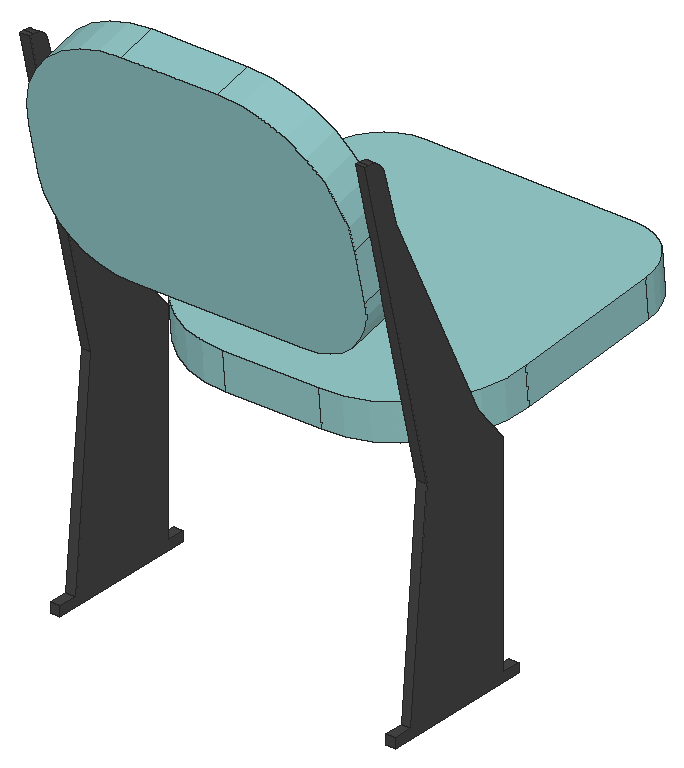
Revit family
Parameters
  Material Seat = Textile - Linen, Smooth
  Material Frame = Metal - Paint Finish - Dark Gray,Matte
  Keynote = "N"
Reference planes
  plane 1 "Center (Front/Back)": y = 189.875
  plane 2: z = 0
  plane 3 "Center (Left/Right)": x = 160.728
  plane 4: x = 389.328
  plane 5: x = -67.872
  plane 6: y = -114.925
  plane 7: y = 494.675
  plane 8: z = 762
  plane 9: z = 444.5
  plane 10: y = -13.325
  plane 11: y = -64.125
  plane 12: z = 711.2
  plane 13: z = 292.1
  plane 14: z = 342.9
  plane 15: y = 37.475
  plane 16: z = 622.3
  plane 17: z = 711.2
  plane 18: y = -64.331
  plane 19 "Seat": z = 292.1
  plane 20: through (0, 102.389, 24.872) normal (0, 0.9717, 0.2361)
  plane 21: through (0, -24.112, 275.601) normal (0, 0.0872, -0.9962)
  plane 22: y = 443.875
  plane 23: x = 325.828
  plane 24: x = -4.372
Forms (mm)
  Extrusion 1, solid, material "Metal - Paint Finish - Dark Gray,Matte" <- "Material Frame"
    sketch origin (389.328, 0, 0) x (0, -1, 0) y (0, 0, 1)
      loop
        line (13.325, 0) -> (13.325, 12.7) -> (-12.075, 12.7) -> (-37.475, 292.1) -> (64.125, 711.2) -> (57.884, 711.2)
        arc (57.884, 711.2) -> (42.588, 706.078) -> (33.461, 692.778) r 25.4
        line (33.461, 692.778) -> (13.325, 622.3) -> (-121.849, 342.9) -> (-164.475, 292.1) -> (-164.475, 12.7) -> (-189.875, 12.7) -> (-189.875, 0) -> (13.325, 0)
    from 0 to 12.7
  Extrusion 2, solid, material "Metal - Paint Finish - Dark Gray,Matte" <- "Material Frame"
    sketch origin (-67.872, 0, 0) x (0, -1, 0) y (0, 0, 1)
      loop
        line (-189.875, 0) -> (13.325, 0) -> (13.325, 12.7) -> (-12.075, 12.7) -> (-37.475, 292.1) -> (64.125, 711.2) -> (57.884, 711.2)
        arc (57.884, 711.2) -> (42.588, 706.078) -> (33.461, 692.778) r 25.4
        line (33.461, 692.778) -> (13.325, 622.3) -> (-121.849, 342.9) -> (-164.475, 292.1) -> (-164.475, 12.7) -> (-189.875, 12.7) -> (-189.875, 0)
    from 0 to -12.7
  Extrusion 3, solid, material "Textile - Linen, Smooth"
    sketch origin (0, -24.112, 275.601) x (0, 0.996195, 0.087156) y (1, 0, 0)
      loop
        line (523.629, 21.028) -> (523.629, 300.428)
        arc (523.629, 300.428) -> (501.311, 354.309) -> (447.429, 376.628) r 76.2
        line (447.429, 376.628) -> (247.217, 376.628)
        arc (247.217, 376.628) -> (139.454, 331.991) -> (94.817, 224.228) r 152.4
        line (94.817, 224.228) -> (94.817, 97.228)
        arc (94.817, 97.228) -> (139.454, -10.535) -> (247.217, -55.172) r 152.4
        line (247.217, -55.172) -> (447.429, -55.172)
        arc (447.429, -55.172) -> (501.311, -32.854) -> (523.629, 21.028) r 76.2
    from 0 to -50.8
  Extrusion 4, solid, material "Textile - Linen, Smooth" <- "Material Seat"
    sketch origin (0, 102.389, 24.872) x (0, -0.236052, 0.97174) y (1, 0, 0)
      loop
        line (758.507, 97.228) -> (758.507, 224.228)
        arc (758.507, 224.228) -> (713.87, 331.991) -> (606.107, 376.628) r 152.4
        line (606.107, 376.628) -> (534.448, 376.628)
        arc (534.448, 376.628) -> (462.606, 346.87) -> (432.848, 275.028) r 101.6
        line (432.848, 275.028) -> (432.848, 46.428)
        arc (432.848, 46.428) -> (462.606, -25.414) -> (534.448, -55.172) r 101.6
        line (534.448, -55.172) -> (606.107, -55.172)
        arc (606.107, -55.172) -> (713.87, -10.535) -> (758.507, 97.228) r 152.4
    from -25.4 to 25.4
Lines and regions (mm)
  Masking region 1
    outline origin (0, 0, 292.1) x (1, 0, 0) y (0, 1, 0)
      loop
        arc (21.028, 497.525) -> (-32.854, 475.206) -> (-55.172, 421.325) r 76.2
        line (-55.172, 421.325) -> (-55.172, 215.275)
        arc (-55.172, 215.275) -> (-10.535, 107.512) -> (97.228, 62.875) r 152.4
        line (97.228, 62.875) -> (224.228, 62.875)
        arc (224.228, 62.875) -> (331.991, 107.512) -> (376.628, 215.275) r 152.4
        line (376.628, 215.275) -> (376.628, 421.325)
        arc (376.628, 421.325) -> (354.309, 475.206) -> (300.428, 497.525) r 76.2
        line (300.428, 497.525) -> (21.028, 497.525)
      loop
        arc (-42.472, -26.231) -> (-31.313, -53.172) -> (-4.372, -64.331) r 38.1
        line (-4.372, -64.331) -> (325.828, -64.331)
        arc (325.828, -64.331) -> (352.769, -53.172) -> (363.928, -26.231) r 38.1
        line (363.928, -26.231) -> (363.928, -13.203)
        arc (363.928, -13.203) -> (352.769, 13.738) -> (325.828, 24.897) r 38.1
        line (325.828, 24.897) -> (-4.372, 24.897)
        arc (-4.372, 24.897) -> (-31.313, 13.738) -> (-42.472, -13.203) r 38.1
        line (-42.472, -13.203) -> (-42.472, -26.231)
  symbolic lines
    curve 1: line (21.028, 497.525, 0) -> (300.428, 497.525, 0)
    curve 2: line (-55.172, 421.325, 0) -> (-55.172, 215.275, 0)
    curve 3: line (97.228, 62.875, 0) -> (224.228, 62.875, 0)
    curve 4: line (376.628, 421.325, 0) -> (376.628, 215.275, 0)
    curve 5: arc (21.028, 497.525, 0) -> (-32.854, 475.206, 0) -> (-55.172, 421.325, 0) r 76.2
    curve 6: arc (300.428, 497.525, 0) -> (354.309, 475.206, 0) -> (376.628, 421.325, 0) r 76.2
    curve 7: arc (376.628, 215.275, 0) -> (331.991, 107.512, 0) -> (224.228, 62.875, 0) r 152.4
    curve 8: arc (97.228, 62.875, 0) -> (-10.535, 107.512, 0) -> (-55.172, 215.275, 0) r 152.4
    curve 9: line (389.328, 189.875, 0) -> (376.628, 189.875, 0)
    curve 10: line (389.328, 189.875, 0) -> (389.328, -64.125, 0)
    curve 11: line (389.328, -64.125, 0) -> (376.628, -64.125, 0)
    curve 12: line (376.628, 189.875, 0) -> (376.628, -64.125, 0)
    curve 13: line (-67.872, -64.125, 0) -> (-53.041, -64.125, 0)
    curve 14: line (-67.872, -64.125, 0) -> (-67.872, 189.875, 0)
    curve 15: line (-67.872, 189.875, 0) -> (-53.041, 189.875, 0)
    curve 16: line (-53.041, -64.125, 0) -> (-53.041, 189.875, 0)
    curve 17: line (-4.372, 24.897, 0) -> (325.828, 24.897, 0)
    curve 18: line (-42.472, -13.203, 0) -> (-42.472, -26.231, 0)
    curve 19: line (-4.372, -64.331, 0) -> (325.828, -64.331, 0)
    curve 20: line (363.928, -13.203, 0) -> (363.928, -26.231, 0)
    curve 21: arc (325.828, 24.897, 0) -> (352.769, 13.738, 0) -> (363.928, -13.203, 0) r 38.1
    curve 22: arc (363.928, -26.231, 0) -> (352.769, -53.172, 0) -> (325.828, -64.331, 0) r 38.1
    curve 23: arc (-4.372, 24.897, 0) -> (-31.313, 13.738, 0) -> (-42.472, -13.203, 0) r 38.1
    curve 24: arc (-42.472, -26.231, 0) -> (-31.313, -53.172, 0) -> (-4.372, -64.331, 0) r 38.1
Dimensions and locks
  equal spacing: plane 5, plane 3 "Center (Left/Right)", plane 4
  equal spacing: plane 6, plane 1 "Center (Front/Back)", plane 7
  locked: plane 5 to plane 4 at 457.2
  locked: plane 6 to plane 7 at 609.6
  aligned and locked: Masking region 1 sketch curve to curve 5
  aligned and locked: Masking region 1 sketch curve to curve 8
  aligned and locked: Masking region 1 sketch curve to curve 7
  aligned and locked: Masking region 1 sketch curve to curve 6
  aligned and locked: Masking region 1 sketch curve to curve 24
  aligned and locked: Masking region 1 sketch curve to curve 22
  aligned and locked: Masking region 1 sketch curve to curve 23
  aligned and locked: Masking region 1 sketch curve to curve 21
